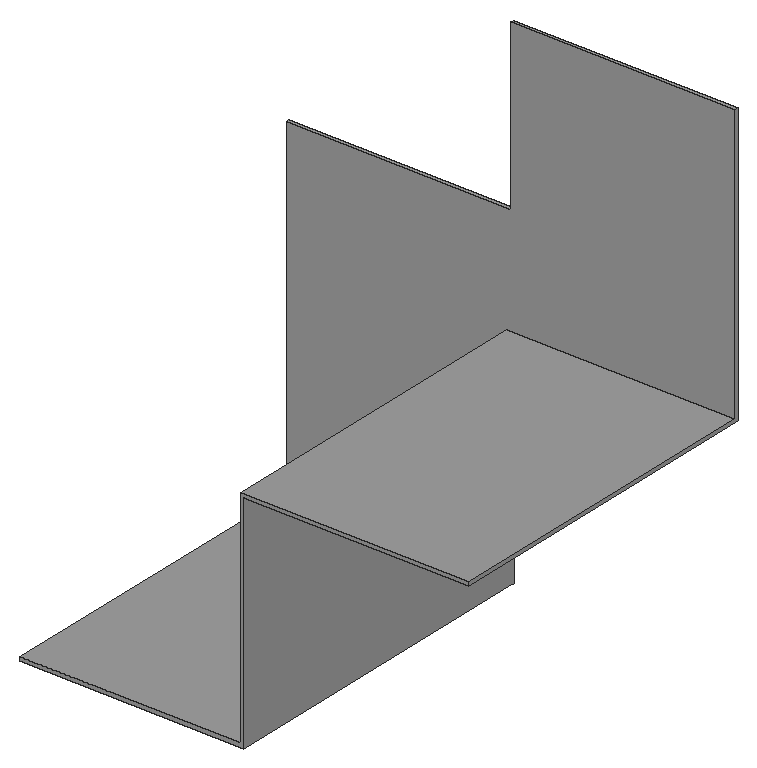
Revit family "Flashing_Preformed_Hyload_LevelChange", category Generic Models, Revit 2014
Parameters (values of type "4 inch")
  Upper Height = 0' - 5"
  Unit Width = 0' - 4"
  Unit Height = 0' - 4"
  Unit Depth = 0' - 6"
  URL = "http://www.hyload.com/"
  Thickness = 0' - 0 1/16"
  Specification = "http://www.arcat.com/sdspecs/htm04/07_65_00hyl.htm"
  Sales Information = "http://www.hyload.com/contact-us"
  Revision = "R1_12-2015"
  Product Properties = "http://www.hyload.com/masonry-flashing/preformed-shapes/"
  Product Data = "http://www.arcat.com/arcatcos/cos33/arc33176.html"
  Model = "4 in Level Change"
  Manufacturer Website = "http://www.hyload.com/"
  Manufacturer Phone - Toll Free = "800-457-4056"
  Manufacturer Phone = "330-769-3546"
  Manufacturer Fax = "330-769-4153"
  Manufacturer Address = "5020 Panther Pkwy., Seville, OH 44273"
  Manufacturer = "Hyload"
  Lower Height = 0' - 6"
  Keynote = "07 65 00"
  Flashing Material = Hyload Flashing Membrane - Grey
  Drawn By = "Robert S. Weygant / Sumex Design"
  Description = "Preformed Hyload Masonry Flashing - 4 in Level Change"
  Copyright = "(c) ARCAT, Inc, 2015"
  Construction Details = "http://www.arcat.com/details/hyload/hyload.html?coid=33176"
  Assembly Code = "B3010400"
Types (2): name | Upper Height | Unit Height | Model | Description
  3 inch | 0' - 6" | 0' - 3" | "3 in Level Change" | "Preformed Hyload Masonry Flashing - 3 in Level Change"
  4 inch | 0' - 5" | 0' - 4" | "4 in Level Change" | "Preformed Hyload Masonry Flashing - 4 in Level Change"
Reference planes (in)
  plane 1 "Center (Front/Back)": y = 0
  plane 2: z = 0
  plane 3 "Center (Left/Right)": x = 0
  plane 4: y = -6
  plane 5: x = 4
  plane 6: z = 4
  plane 7: x = -4
Forms (in)
  Extrusion 1, solid, material "Hyload Flashing Membrane - Grey" <- "Flashing Material"
    sketch origin (0, 0, 0) x (1, 0, 0) y (0, 0, 1)
      loop
        line (-4, 0) -> (0, 0) -> (0, 4) -> (4, 4) -> (4, 4.0625) -> (-0.0625, 4.0625) -> (-0.0625, 0.0625) -> (-4, 0.0625) -> (-4, 0)
    from 0 to 6
  Extrusion 2, solid, material "Hyload Flashing Membrane - Grey" <- "Flashing Material"
    sketch origin (0, 0, 0) x (1, 0, 0) y (0, 0, 1)
      loop
        line (4, 4) -> (4, 9) -> (0, 9) -> (0, 6) -> (-4, 6) -> (-4, 0) -> (0, 0) -> (0, 4) -> (4, 4)
    from 0 to 0.0625 <- "Thickness"
Cuts and joins
  joined: Extrusion 1, Extrusion 2
Dimensions and locks (in)
  "Unit Depth": plane 4 to plane 1 "Center (Front/Back)"
  "Unit Width": plane 3 "Center (Left/Right)" to plane 5
  "Unit Height": plane 6 to level
  "Thickness": Extrusion 1 sketch curve to plane 6
  "Thickness": Extrusion 1 sketch curve to level
  "Thickness": plane 3 "Center (Left/Right)" to Extrusion 1 sketch curve
  "Upper Height": Extrusion 2 sketch curve to plane 6
  "Lower Height": Extrusion 2 sketch curve to level
  "Unit Width": plane 7 to plane 3 "Center (Left/Right)"
  aligned and locked: plane 2 to level
  aligned and locked: Extrusion 1 sketch curve to level
  aligned and locked: Extrusion 1 sketch curve to plane 6
  aligned and locked: Extrusion 1 to plane 4
  aligned and locked: plane 5 to Extrusion 1 sketch curve
  aligned and locked: plane 3 "Center (Left/Right)" to Extrusion 1 sketch curve
  aligned and locked: plane 7 to Extrusion 1 sketch curve
  aligned and locked: plane 7 to Extrusion 2 sketch curve
  aligned and locked: plane 3 "Center (Left/Right)" to Extrusion 2 sketch curve  (x2)
  aligned and locked: Extrusion 2 sketch curve to plane 6
  aligned and locked: Extrusion 2 sketch curve to level
Automatic sketch dimensions
  Extrusion 2 sketch curve to plane 5 = 0' - 0"
